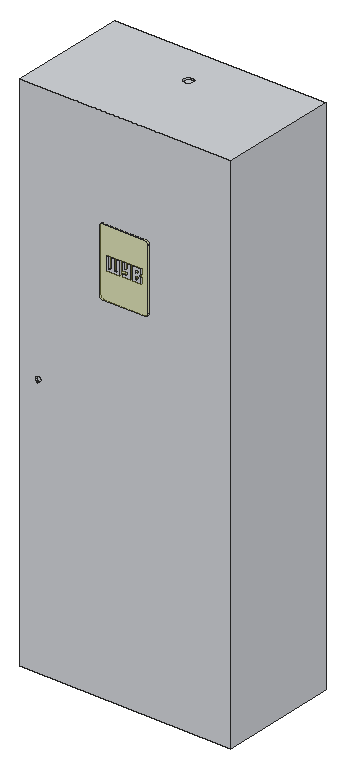
Revit family "ШУВ-Ч_С300_Рубеж_ЮТ+ТЭН_18.03.25", category Оборудование, Revit 2020
Family settings
  Размер круглого соединителя = Использовать диаметр
  Классификация = Нет
  Тип детали = Нормальный
  На основе рабочей плоскости = Нет
  Всегда вертикально = Да
  При загрузке вырезать с полостями = Нет
  Общий = Нет
  Точка расчета площади = Нет
Parameters (values of type "ШУВ-Ч_С300_РЖ_ЮТ_55-90кВт + ТЭН 4-45кВт")
  расст замок верт = 1000 mm
  Ширина [instance] = 800 mm
  Типоразмер шкафа = "Ш20"
  Расст замок = 70 mm
  Расст ПУШ от верхней стенки = 380 mm
  Расст ввод от задней стенки = 150 mm
  Расст ввод от левой стенки = 400 mm
  Расст ПУШ от левой стенки = 308 mm
  Default Elevation = 0 mm
  Description = ""
  Назв гориз ПУШ = 210 mm
  Комментарии к типоразмеру = "Ш20/DEK"
  Изготовитель = "ООО \"Плазма-Т\""
  Группа модели = "ШУВ-Ч+ТЭН"
  Глубина [instance] = 450 mm
  Высота [instance] = 2000 mm
  URL = "https://plazma-t.ru/"
  B = 250 mm
  A = 275 mm
Types (4, lengths in mm): name | расст замок верт | Ширина | Типоразмер шкафа | Расст замок | Расст ПУШ от верхней стенки | Расст ввод от задней стенки | Расст ввод от левой стенки | Расст ПУШ от левой стенки | Комментарии к типоразмеру | Глубина | Высота | B | A
  ШУВ-Ч_С300_РЖ_ЮТ_0,37-15кВт + ТЭН 4-45кВт | 400 | 650 | "Ш4" | 55 | 110 | 60 | 410 | 335 | "Ш4/DEK" | 250 | 800 | 175 | 200
  ШУВ-Ч_С300_РЖ_ЮТ_30-45кВт + ТЭН 4-45кВт | 600 | 750 | "Ш6" | 55 | 350 | 60 | 400 | 410 | "Ш6/DEK" | 300 | 1200 | 225 | 250
  ШУВ-Ч_С300_РЖ_ЮТ_55-90кВт + ТЭН 4-45кВт | 1000 | 800 | "Ш20" | 70 | 380 | 150 | 400 | 308 | "Ш20/DEK" | 450 | 2000 | 250 | 275
  ШУВ-Ч_С300_РЖ_ЮТ_18,5-22кВт + ТЭН 4-45кВт | 450 | 650 | "Ш5" | 55 | 160 | 60 | 375 | 360 | "Ш5/DEK" | 300 | 1000 | 175 | 200
Reference planes
  plane 1 "По центру (Вперед/Назад)": y = 0
  plane 2: z = 0
  plane 3 "По центру (Влево/Вправо)": x = 0
  plane 4: y = -9
Forms (mm)
  Extrusion 1, solid
    sketch origin (0, 0, 0) x (1, 0, 0) y (0, 1, 0)
      loop
        line (0, 0) -> (800, 0) -> (800, 450) -> (0, 450) -> (0, 0)
    from 0 to 2000
  Extrusion 2, solid, material "Источник света по умолчанию"
    sketch origin (0, 0, 0) x (1, 0, 0) y (0, 0, 1)
      loop
        arc (321, 1620) -> (311.808, 1616.192) -> (308, 1607) r 13
        line (308, 1607) -> (308, 1373)
        arc (308, 1373) -> (311.808, 1363.808) -> (321, 1360) r 13
        line (321, 1360) -> (479.542, 1360)
        arc (479.542, 1360) -> (488.734, 1363.808) -> (492.542, 1373) r 13
        line (492.542, 1373) -> (492.542, 1607)
        arc (492.542, 1607) -> (488.734, 1616.192) -> (479.542, 1620) r 13
        line (479.542, 1620) -> (321, 1620)
    from 0 to 9
  Extrusion 3, void
    sketch origin (0, 0, 0) x (1, 0, 0) y (0, 0, 1)
      loop
        circle (70, 1000) r 11.5
    from 10 to -5.347
  Extrusion 4, void
    sketch origin (0, 0, 2000) x (0, 1, 0) y (1, 0, 0)
      loop
        circle (300, 400) r 17
    from 0 to 3
  Extrusion 5, solid
    sketch origin (0, -9, 0) x (1, 0, 0) y (0, 0, 1)
      loop
        line (338.078, 1470) -> (388.25, 1470) -> (388.25, 1520) -> (378.25, 1520) -> (378.25, 1480) -> (368.25, 1480) -> (368.25, 1520) -> (358.25, 1520) -> (358.25, 1480) -> (348.25, 1480) -> (348.25, 1520) -> (338.078, 1520) -> (338.078, 1470)
      loop
        line (398.25, 1520) -> (398.25, 1490) -> (418.25, 1490) -> (418.25, 1480) -> (398.25, 1480) -> (398.25, 1470) -> (428.25, 1470) -> (428.25, 1520) -> (418.25, 1520) -> (418.25, 1500) -> (408.25, 1500) -> (408.25, 1520) -> (398.25, 1520)
      loop
        line (438.25, 1520) -> (438.25, 1470) -> (468.25, 1470) -> (468.25, 1490) -> (463.25, 1495) -> (468.25, 1500) -> (468.25, 1520) -> (438.25, 1520)
      loop
        line (448.25, 1480) -> (458.675, 1480) -> (458.675, 1490) -> (448.25, 1490) -> (448.25, 1480)
      loop
        line (448.675, 1510) -> (448.675, 1500) -> (458.675, 1500) -> (458.675, 1510) -> (448.675, 1510)
    from 0 to 3
  Extrusion 6, void
    sketch origin (0, 0, 0) x (1, 0, 0) y (0, 1, 0)
      loop
        circle (275, 390) r 17
      loop
        circle (325, 390) r 17
      loop
        circle (375, 390) r 17
      loop
        circle (425, 390) r 17
      loop
        circle (475, 390) r 17
      loop
        circle (525, 390) r 17
      loop
        circle (250, 340) r 17
      loop
        circle (300, 340) r 17
      loop
        circle (350, 340) r 17
      loop
        circle (400, 340) r 17
      loop
        circle (450, 340) r 17
      loop
        circle (500, 340) r 17
      loop
        circle (550, 340) r 17
    from 0 to 3
Cuts and joins
  Extrusion 3, Extrusion 4, Extrusion 6 cuts Extrusion 1
Dimensions and locks
  "Ширина": Extrusion 1 to Extrusion 1
  "Глубина": Extrusion 1 to Extrusion 1
  "Высота": Extrusion 1 to Extrusion 1
  Extrusion 1 to Extrusion 2 sketch curve = 380 mm
  "Расст ПУШ от верхней стенки": Extrusion 1 to Extrusion 2
  "расст замок верт": Extrusion 1 to Extrusion 3 sketch curve
  "Расст замок": Extrusion 1 to Extrusion 3 sketch curve
  "Расст ввод от левой стенки": Extrusion 4 sketch curve to cut or joined group of Extrusion 1, Extrusion 3, Extrusion 4, Extrusion 6
  "Расст ввод от задней стенки": cut or joined group of Extrusion 1, Extrusion 3, Extrusion 4, Extrusion 6 to Extrusion 4 sketch curve
  locked: Extrusion 2 sketch curve to Extrusion 2 sketch curve at 184.542
  locked: Extrusion 2 sketch curve to Extrusion 2 sketch curve at 260
  "Расст ПУШ от левой стенки": cut or joined group of Extrusion 1, Extrusion 3, Extrusion 4, Extrusion 6 to Extrusion 2 sketch curve
  cut or joined group of Extrusion 1, Extrusion 3, Extrusion 4, Extrusion 6 to cut or joined group of Extrusion 1, Extrusion 3, Extrusion 4, Extrusion 6 = 800 mm
  Extrusion 5 sketch curve to Extrusion 5 sketch curve = 50 mm
  Extrusion 5 sketch curve to Extrusion 2 = 160 mm
  Extrusion 5 sketch curve to Extrusion 5 sketch curve = 50.172 mm
  Extrusion 2 to Extrusion 5 sketch curve = 30.078 mm
  Extrusion 5 sketch curve to Extrusion 5 sketch curve = 60.172 mm
  Extrusion 5 sketch curve to Extrusion 5 sketch curve = 130.172 mm
  Extrusion 5 sketch curve to Extrusion 5 sketch curve = 30 mm  (x2)
  equal spacing: Extrusion 6 sketch curve, Extrusion 6 sketch curve, Extrusion 6 sketch curve, Extrusion 6 sketch curve, Extrusion 6 sketch curve, Extrusion 6 sketch curve
  equal spacing: Extrusion 6 sketch curve, Extrusion 6 sketch curve, Extrusion 6 sketch curve, Extrusion 6 sketch curve, Extrusion 6 sketch curve, Extrusion 6 sketch curve, Extrusion 6 sketch curve
  cut or joined group of Extrusion 1, Extrusion 3, Extrusion 4, Extrusion 6 to Extrusion 6 sketch curve = 60 mm  (x6)
  cut or joined group of Extrusion 1, Extrusion 3, Extrusion 4, Extrusion 6 to Extrusion 6 sketch curve = 110 mm  (x7)
  "A": cut or joined group of Extrusion 1, Extrusion 3, Extrusion 4, Extrusion 6 to Extrusion 6 sketch curve
  "B": cut or joined group of Extrusion 1, Extrusion 3, Extrusion 4, Extrusion 6 to Extrusion 6 sketch curve
  diameter of Extrusion 4 sketch curve = 34 mm
  aligned and locked: level to plane 2
  aligned and locked: Extrusion 1 to level
  aligned and locked: Extrusion 1 to plane 3 "По центру (Влево/Вправо)"
  aligned and locked: plane 1 "По центру (Вперед/Назад)" to Extrusion 1
Automatic sketch dimensions
  plane 3 "По центру (Влево/Вправо)" to Extrusion 1 sketch curve = 0 mm
  plane 1 "По центру (Вперед/Назад)" to Extrusion 1 sketch curve = 0 mm
  plane 3 "По центру (Влево/Вправо)" to Extrusion 1 sketch curve = 800 mm
  Extrusion 1 sketch curve to plane 1 "По центру (Вперед/Назад)" = 450 mm
  Extrusion 5 sketch curve to Extrusion 5 sketch curve = 10.172 mm
  Extrusion 5 sketch curve to Extrusion 5 sketch curve = 10 mm  (x15)
  Extrusion 5 sketch curve to Extrusion 5 sketch curve = 0 mm  (x10)
  Extrusion 5 sketch curve to Extrusion 5 sketch curve = 5 mm  (x3)
  Extrusion 5 sketch curve to Extrusion 5 sketch curve = 20 mm
  Extrusion 5 sketch curve to Extrusion 5 sketch curve = 0.425 mm
  Extrusion 5 sketch curve to Extrusion 5 sketch curve = 4.575 mm
  Extrusion 2 sketch curve to Extrusion 2 sketch curve = 13 mm  (x4)
  Extrusion 6 sketch curve to Extrusion 6 sketch curve = 50 mm  (x2)
  radius of Extrusion 3 sketch curve = 11.5 mm
  radius of Extrusion 6 sketch curve = 17 mm  (x13)
Connectors
  electrical at (400, 300, 1997)
    settings: on cut or joined group of Extrusion 1, Extrusion 3, Extrusion 4, Extrusion 6, index 1, voltage 0 V, apparent load 0 VA, apparent load phase1 0 VA, apparent load phase2 0 VA, apparent load phase3 0 VA, power factor 1, load classification "Прочее", number of poles 1, system type 30, power factor state 1, is connector primary yes, connector utility no, sub classification motor no, connector description "380В или 220В"
  electrical at (250, 340, 3)
    settings: on cut or joined group of Extrusion 1, Extrusion 3, Extrusion 4, Extrusion 6, index 2, voltage 0 V, apparent load 0 VA, apparent load phase1 0 VA, apparent load phase2 0 VA, apparent load phase3 0 VA, power factor 1, load classification "Прочее", number of poles 1, system type 11, power factor state 1, is connector primary no, connector utility no, sub classification motor no, connector description "Сухой контакт"
  electrical at (300, 340, 3)
    settings: on cut or joined group of Extrusion 1, Extrusion 3, Extrusion 4, Extrusion 6, index 3, voltage 0 V, apparent load 0 VA, apparent load phase1 0 VA, apparent load phase2 0 VA, apparent load phase3 0 VA, power factor 1, load classification "Прочее", number of poles 1, system type 11, power factor state 1, is connector primary no, connector utility no, sub classification motor no, connector description "Сухой контакт"
  electrical at (350, 340, 3)
    settings: on cut or joined group of Extrusion 1, Extrusion 3, Extrusion 4, Extrusion 6, index 4, voltage 0 V, apparent load 0 VA, apparent load phase1 0 VA, apparent load phase2 0 VA, apparent load phase3 0 VA, power factor 1, load classification "Прочее", number of poles 1, system type 11, power factor state 1, is connector primary no, connector utility no, sub classification motor no, connector description "Сухой контакт"
  electrical at (400, 340, 3)
    settings: on cut or joined group of Extrusion 1, Extrusion 3, Extrusion 4, Extrusion 6, index 5, voltage 0 V, apparent load 0 VA, apparent load phase1 0 VA, apparent load phase2 0 VA, apparent load phase3 0 VA, power factor 1, load classification "Прочее", number of poles 1, system type 30, power factor state 1, is connector primary no, connector utility no, sub classification motor no, connector description "380В или 220В"
  electrical at (450, 340, 3)
    settings: on cut or joined group of Extrusion 1, Extrusion 3, Extrusion 4, Extrusion 6, index 6, voltage 0 V, apparent load 0 VA, apparent load phase1 0 VA, apparent load phase2 0 VA, apparent load phase3 0 VA, power factor 1, load classification "Прочее", number of poles 1, system type 30, power factor state 1, is connector primary no, connector utility no, sub classification motor no, connector description "380В или 220В"
  electrical at (500, 340, 3)
    settings: on cut or joined group of Extrusion 1, Extrusion 3, Extrusion 4, Extrusion 6, index 7, voltage 0 V, apparent load 0 VA, apparent load phase1 0 VA, apparent load phase2 0 VA, apparent load phase3 0 VA, power factor 1, load classification "Прочее", number of poles 1, system type 13, power factor state 1, is connector primary no, connector utility no, sub classification motor no, connector description "Шлейф"
  electrical at (550, 340, 3)
    settings: on cut or joined group of Extrusion 1, Extrusion 3, Extrusion 4, Extrusion 6, index 8, voltage 0 V, apparent load 0 VA, apparent load phase1 0 VA, apparent load phase2 0 VA, apparent load phase3 0 VA, power factor 1, load classification "Прочее", number of poles 1, system type 13, power factor state 1, is connector primary no, connector utility no, sub classification motor no, connector description "Шлейф"
  electrical at (275, 390, 3)
    settings: on cut or joined group of Extrusion 1, Extrusion 3, Extrusion 4, Extrusion 6, index 9, voltage 0 V, apparent load 0 VA, apparent load phase1 0 VA, apparent load phase2 0 VA, apparent load phase3 0 VA, power factor 1, load classification "Прочее", number of poles 1, system type 13, power factor state 1, is connector primary no, connector utility no, sub classification motor no, connector description "Шлейф"
  electrical at (325, 390, 3)
    settings: on cut or joined group of Extrusion 1, Extrusion 3, Extrusion 4, Extrusion 6, index 10, voltage 0 V, apparent load 0 VA, apparent load phase1 0 VA, apparent load phase2 0 VA, apparent load phase3 0 VA, power factor 1, load classification "Прочее", number of poles 1, system type 13, power factor state 1, is connector primary no, connector utility no, sub classification motor no, connector description "Шлейф"
  electrical at (375, 390, 3)
    settings: on cut or joined group of Extrusion 1, Extrusion 3, Extrusion 4, Extrusion 6, index 11, voltage 0 V, apparent load 0 VA, apparent load phase1 0 VA, apparent load phase2 0 VA, apparent load phase3 0 VA, power factor 1, load classification "Прочее", number of poles 1, system type 13, power factor state 1, is connector primary no, connector utility no, sub classification motor no, connector description "Шлейф"
  electrical at (425, 390, 3)
    settings: on cut or joined group of Extrusion 1, Extrusion 3, Extrusion 4, Extrusion 6, index 12, voltage 0 V, apparent load 0 VA, apparent load phase1 0 VA, apparent load phase2 0 VA, apparent load phase3 0 VA, power factor 1, load classification "Прочее", number of poles 1, system type 13, power factor state 1, is connector primary no, connector utility no, sub classification motor no, connector description "Шлейф"
  electrical at (475, 390, 3)
    settings: on cut or joined group of Extrusion 1, Extrusion 3, Extrusion 4, Extrusion 6, index 13, voltage 0 V, apparent load 0 VA, apparent load phase1 0 VA, apparent load phase2 0 VA, apparent load phase3 0 VA, power factor 1, load classification "Прочее", number of poles 1, system type 13, power factor state 1, is connector primary no, connector utility no, sub classification motor no, connector description "Шлейф"
  electrical at (525, 390, 3)
    settings: on cut or joined group of Extrusion 1, Extrusion 3, Extrusion 4, Extrusion 6, index 14, voltage 0 V, apparent load 0 VA, apparent load phase1 0 VA, apparent load phase2 0 VA, apparent load phase3 0 VA, power factor 1, load classification "Прочее", number of poles 1, system type 13, power factor state 1, is connector primary no, connector utility no, sub classification motor no, connector description "Шлейф"
